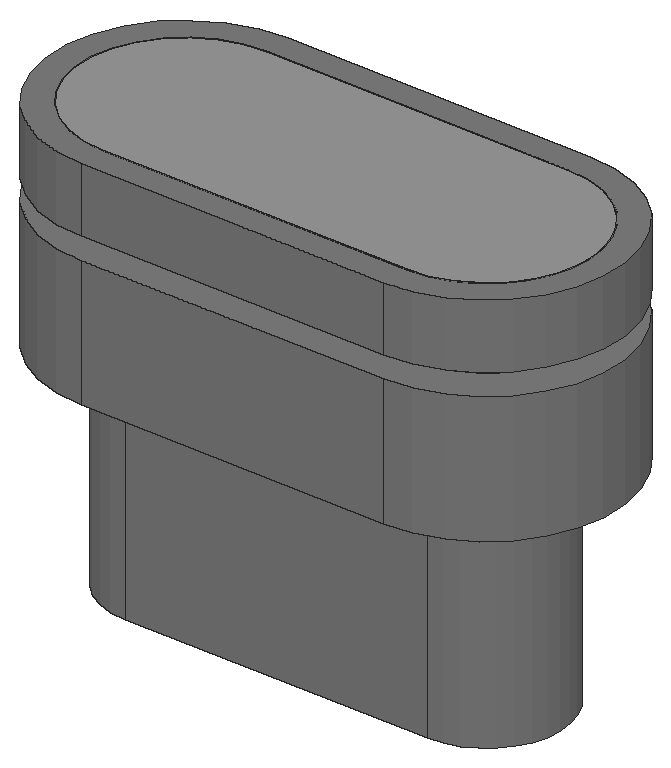
Revit family "ME_polyethylene cable pit_ACO", category Mechanical Equipment, Revit 2020
Family settings
  Round Connector Dimension = Use Diameter
  Classification = None
  Part Type = Normal
  OmniClass Number = 23.30.10.27.27
  OmniClass Title = Security Hatches
  Work Plane-Based = No
  Always vertical = Yes
  Cut with Voids When Loaded = No
  Shared = Yes
  Room Calculation Point = Yes
Parameters (values of type "Type 1")
  width_01_C_ANZRS [instance] = size_lookup(lookup_table_name, "width", 0 mm, type_index)  # 518 mm
  type_index = 1
  thickness [instance] = 4 mm  # constant formula
  steel_lid_check [instance] = lids = steel_lid  # no
  steel_lid = PE_lids_assembly : steel lid
  powerlok_lid_check [instance] = lids = powerlok_lid  # no
  powerlok_lid = PE_lids_assembly : steel powerlok lid
  polymer_riser_check [instance] = and(type_index = 77, polymer_riser, not(riser))  # no
  polymer_riser [instance] = no
  polymer_lid_electricity = PE_lids_assembly : polymer concrete lid - Communications
  polymer_lid_comunication = PE_lids_assembly : polymer concrete lid - Electricity
  polymer_lid_check [instance] = or(lids = polymer_lid_blank, lids = polymer_lid_electricity, lids = polymer_lid_comunication)  # no
  polymer_lid_blank = PE_lids_assembly : polymer concrete lid - Blank
  net_mass_S_ANZRS [instance] = size_lookup(lookup_table_name, "ma", 0.00 kg, type_index, material_index)  # 3.00 kg
  cement_lid_electricity = PE_lids_assembly : cement concrete lid - Electricity
  cement_lid_comunication = PE_lids_assembly : cement concrete lid - Communications
  square_riser_check [instance] = and(riser, square_pit_check)  # no
  square_pit_index [instance] = size_lookup(lookup_table_name, "square_pit", 0, type_index, material_index)  # 3
  square_pit_check [instance] = or(product_index = 4, product_index = 5, product_index = 6, product_index = 7, product_index = 8, product_index = 9, product_index = 10, product_index = 11)  # no
  room calculation [instance] = 1000 mm  # constant formula
  riser_height [instance] = if(and(type_index = 77, polymer_riser), 300 mm, if(riser, size_lookup(lookup_table_name, "riser_cut", 0 mm, type_index), 0 mm))  # 0 mm
  lids [instance] = PE_lids_assembly : cement concrete lid - Blank
  circular_riser_check [instance] = and(riser, circular_pit_check, or(product_index = 1, product_index = 2))  # no
  riser [instance] = no
  region_index = 1  # constant formula
  product_index [instance] = size_lookup(lookup_table_name, "pi", 0, type_index, material_index)  # 1
  product_assortment_C_ANZRS = "Cablemate"  # constant formula
  material_index [instance] = 1  # constant formula
  intended_use_C_ANZRS = "Electricity and communications"  # constant formula
  instructions_for_use = "https://www.acocablemate.com.au/"
  installation_manual = "https://www.acocablemate.com.au/"
  info_technical_C_ANZRS = "https://www.acocablemate.com.au/"
  info_commercial_C_ANZRS = "https://www.acocablemate.com.au/"
  email sales = "sales@acoaus.com.au"
  email Technical = "sales@acoaus.com.au"
  description_C_ANZRS [instance] = size_lookup(lookup_table_name, "uk", "--", type_index, material_index)  # "Type 1 polyethylene pit"
  desc_uk [instance] = size_lookup(lookup_table_name, "uk", "--", type_index, material_index)  # "Type 1 polyethylene pit"
  cylinder_pit_check [instance] = product_index = 12  # no
  content_version_C_ANZRS = "1.0"  # constant formula
  content_date_changed_C_ANZRS = "25-08-2023"  # constant formula
  content_creator_C_ANZRS = "ACO Technology Centre, INDIA"  # constant formula
  code_supplier_article_C_ANZRS [instance] = size_lookup(lookup_table_name, "", "--", type_index, material_index)  # "75858"
  code_specification_URL_C_ANZRS = ""
  circular_pit_check [instance] = or(product_index = 1, product_index = 2, product_index = 3)  # yes
  pitch_distance [instance] = pit_base_width - pit_base_depth  # 281 mm
  pit_opening_width [instance] = size_lookup(lookup_table_name, "pit_opening_width", 0 mm, type_index)  # 426 mm
  pit_opening_depth [instance] = size_lookup(lookup_table_name, "pit_opening_depth", 0 mm, type_index)  # 146 mm
  pit_base_width [instance] = size_lookup(lookup_table_name, "pit_base_width", 0 mm, type_index)  # 410 mm
  pit_base_depth [instance] = size_lookup(lookup_table_name, "pit_base_depth", 0 mm, type_index)  # 129 mm
  material_C_ANZRS = Polyethylene PE
  lookup_table_name = "cable_pit"  # constant formula
  height_01_C_ANZRS [instance] = size_lookup(lookup_table_name, "height", 0 mm, type_index)  # 400 mm
  depth_01_C_ANZRS [instance] = size_lookup(lookup_table_name, "depth", 0 mm, type_index)  # 238 mm
  circular_pit_index [instance] = size_lookup(lookup_table_name, "circular_pit", 0, type_index, material_index)  # 1
  cement_lid_check [instance] = or(lids = cement_lid_blank, lids = cement_lid_electricity, lids = cement_lid_comunication)  # yes
  cement_lid_blank = PE_lids_assembly : cement concrete lid - Blank
  box_riser_check [instance] = and(riser, box_pit_check)  # no
  box_pit_index [instance] = size_lookup(lookup_table_name, "box_pit", 0, type_index, material_index)  # 55
  box_pit_check [instance] = or(product_index = 13, product_index = 14)  # no
  beneath_riser [instance] = size_lookup(lookup_table_name, "beneath_riser", 0 mm, type_index)  # 200 mm
  beneath_rebate [instance] = size_lookup(lookup_table_name, "beneath_rebate", 0 mm, type_index)  # 346 mm
  WARNING_riser [instance] = if(and(type_index = 77, riser, polymer_riser), "please select any one riser", if(and(not(type_index = 77), polymer_riser), "polymer riser is not available", "--"))  # "--"
  WARNING_lids_selection [instance] = if(and(or(type_index = 1, type_index = 2), or(polymer_lid_check, powerlok_lid_check)), "The selected lid is not avaialble", if(and(or(type_index = 3, type_index = 4, type_index = 5, type_index = 6, type_index = 7, type_index = 8), polymer_lid_check), "The selected lid is not avaialble", if(and(type_index = 43, or(polymer_lid_check, powerlok_lid_check)), "The selected lid is not avaialble", if(and(type_index = 53, or(cement_lid_check, powerlok_lid_check)), "The selected lid is not avaialble", if(and(type_index = 55, cement_lid_check), "The selected lid is not avaialble", if(and(type_index = 77, cement_lid_check), "The selected lid is not avaialble", "--"))))))  # "--"
  URL = "www.acocablemate.com.au"
  Type Comments = "Polyethylene pits have excellent insulation properties, high mechanical strengths, chemical resistance and zero water absorption, which makes them ideal as electrical and communications enclosures. "  # constant formula
  Telephone = "1300 765 226"  # constant formula
  R1 [instance] = depth_01_C_ANZRS / 2  # 119 mm
  Model = "ACO Polyethylene Pit with lids and riser assembly"  # constant formula
  Manufacturer = "ACO"  # constant formula
  IfcExportType = "Gridtype"  # constant formula
  IfcExportAs = "UserDefined"  # constant formula
  IfcDescription = "Cablemate"  # constant formula
  Description = "Cablemate"  # constant formula
  Default Elevation = 0 mm
  Address = "ACO Pty Ltd, Australia"  # constant formula
Reference planes
  plane 1 "Center (Front/Back)": y = 0
  plane 2: z = 0
  plane 3 "Center (Left/Right)": x = 0
  plane 4: y = 119
  plane 5: y = -119
  plane 6: x = 259
  plane 7: x = -259
  plane 8: z = -1400
  plane 9: z = -1200
  plane 10: z = -1054
  plane 11: y = 64.5
  plane 12: y = -64.5
  plane 13: y = 73
  plane 14: y = -73
  plane 15: x = 213
  plane 16: x = -213
  plane 17: x = -205
  plane 18: x = 205
  plane 19 "pit top surface": z = -1000
  plane 20 "top": z = -1000
Dimensions and locks
  equal spacing: plane 7, plane 3 "Center (Left/Right)", plane 6
  equal spacing: plane 4, plane 1 "Center (Front/Back)", plane 5
  "width_01_C_ANZRS": plane 7 to plane 6
  "depth_01_C_ANZRS": plane 4 to plane 5
  plane 4 to plane 5 = 238 mm
  level to plane 8 = 1400 mm
  "beneath_riser": plane 9 to plane 8
  "beneath_rebate": plane 10 to plane 8
  equal spacing: plane 11, plane 1 "Center (Front/Back)", plane 12
  "pit_base_depth": plane 11 to plane 12
  equal spacing: plane 13, plane 1 "Center (Front/Back)", plane 14
  "pit_opening_depth": plane 13 to plane 14
  equal spacing: plane 16, plane 3 "Center (Left/Right)", plane 15
  equal spacing: plane 17, plane 3 "Center (Left/Right)", plane 18
  "pit_base_width": plane 17 to plane 18
  "pit_opening_width": plane 16 to plane 15
  plane 13 to plane 14 = 146 mm
  plane 11 to plane 12 = 129 mm
  "height_01_C_ANZRS": plane 19 "pit top surface" to plane 8
  "riser_height": plane 20 "top" to plane 19 "pit top surface"
  "room calculation": level to plane 20 "top"
  aligned and locked: level to plane 2
  aligned and locked: plane 1 "Center (Front/Back)" to nested 1
  aligned and locked: plane 3 "Center (Left/Right)" to nested 2
  aligned and locked: plane 1 "Center (Front/Back)" to nested 2
  aligned and locked: plane 3 "Center (Left/Right)" to nested 3
  aligned and locked: plane 1 "Center (Front/Back)" to nested 3
  aligned and locked: plane 3 "Center (Left/Right)" to nested 4
  aligned and locked: plane 1 "Center (Front/Back)" to nested 4
  aligned and locked: plane 19 "pit top surface" to nested 1
  aligned and locked: nested 3 to plane 19 "pit top surface"
  aligned and locked: plane 19 "pit top surface" to nested 2
  aligned and locked: plane 19 "pit top surface" to nested 4
  aligned and locked: plane 3 "Center (Left/Right)" to nested 5
  aligned and locked: plane 1 "Center (Front/Back)" to nested 5
  aligned and locked: plane 3 "Center (Left/Right)" to nested 6
  aligned and locked: plane 1 "Center (Front/Back)" to nested 6
  aligned and locked: plane 3 "Center (Left/Right)" to nested 7
  aligned and locked: plane 1 "Center (Front/Back)" to nested 7
  aligned and locked: plane 3 "Center (Left/Right)" to nested 8
  aligned and locked: plane 1 "Center (Front/Back)" to nested 8
  aligned and locked: plane 20 "top" to nested 9
  aligned and locked: plane 3 "Center (Left/Right)" to nested 10
  aligned and locked: plane 1 "Center (Front/Back)" to nested 10
  aligned and locked: plane 20 "top" to nested 10
Nested families
  nested 1: "ZZZ_do not use_ME_circular_ACO" at (0, 0, -1000), circular_pit_check <- "circular_pit_check", type_index <- "circular_pit_index", visible <- "circular_pit_check", type "std(nested)"
    with width_01_C_ANZRS 518 mm, type_index 1, thickness 4 mm, pitch_distance 281 mm, pit_opening_width 426 mm, pit_opening_depth 146 mm, pit_base_width 410 mm, pit_base_depth 129 mm, height_01_C_ANZRS 400 mm, depth_01_C_ANZRS 238 mm, circular_pit_check yes, beneath_riser 200 mm, beneath_rebate 346 mm, R1 119 mm
  nested 2: "ZZZ_do not use_ME_rectangular_ACO " at (0, 0, -1000), type_index <- "square_pit_index", visible <- "square_pit_check", square_pit_check <- "square_pit_check", type "std(nested)"
    with width_01_C_ANZRS 565 mm, type_index 3, thickness 4 mm, square_pit_check no, pitch_distance 230 mm, pit_opening_width 455 mm, pit_opening_depth 225 mm, pit_base_width 437 mm, pit_base_depth 207 mm, height_01_C_ANZRS 530 mm, depth_01_C_ANZRS 335 mm, beneath_riser 174 mm, beneath_rebate 526 mm, R1 167.5 mm
  nested 3: "ZZZ_do not use_ME_cylinder_ACO" at (0, 0, -1000), cylinder_pit_check <- "cylinder_pit_check", visible <- "cylinder_pit_check", type "std(nested)"
    with width_01_C_ANZRS 430 mm, thickness 4 mm, height_01_C_ANZRS 606 mm, cylinder_pit_check no
  nested 4: "ZZZ_do not use_ME_box_ACO" at (0, 0, -1000), visible <- "box_pit_check", box_pit_check <- "box_pit_check", type_index <- "box_pit_index", type "std(nested)"
    with width_01_C_ANZRS 560 mm, type_index 55, thickness 7 mm, pit_opening_width 445 mm, pit_base_width 400 mm, height_01_C_ANZRS 510 mm, depth_01_C_ANZRS 560 mm, box_pit_check no, beneath_rebate 450 mm
  nested 5: "ZZZ_do not use_ME_circular_riser_ACO" at (0, 0, -1000), type_index <- "circular_pit_index", visible <- "circular_riser_check", circular_riser_check <- "circular_riser_check", cut_distance <- "riser_height", type "std(nested)"
    with width_01_C_ANZRS 518 mm, type_index 1, thickness 4 mm, pitch_distance 281 mm, pit_opening_width 426 mm, pit_opening_depth 146 mm, pit_base_width 410 mm, pit_base_depth 129 mm, height_01_C_ANZRS 400 mm, depth_01_C_ANZRS 238 mm, cut_distance 0 mm, circular_riser_check no, beneath_riser 200 mm, beneath_rebate 346 mm, R1 119 mm
  nested 6: "ZZZ_do not use_ME_rectangular_riser_ACO " at (0, 0, -1000), cut_distance <- "riser_height", square_pit_check <- "square_riser_check", visible <- "square_riser_check", type_index <- "square_pit_index", type "std(nested)"
    with width_01_C_ANZRS 565 mm, type_index 3, thickness 4 mm, square_pit_check no, pitch_distance 230 mm, pit_opening_width 455 mm, pit_opening_depth 225 mm, pit_base_width 437 mm, pit_base_depth 207 mm, height_01_C_ANZRS 530 mm, depth_01_C_ANZRS 335 mm, cut_distance 0 mm, beneath_riser 174 mm, beneath_rebate 526 mm, R1 167.5 mm
  nested 7: "ZZZ_do not use_ME_plastic_box_riser_ACO" at (0, 0, -1000), visible <- "box_riser_check", cut_distance <- "riser_height", box_riser_check <- "box_riser_check", type_index <- "box_pit_index", type "std(nested)"
    with width_01_C_ANZRS 560 mm, type_index 55, thickness 7 mm, pit_opening_width 445 mm, pit_base_width 400 mm, height_01_C_ANZRS 510 mm, depth_01_C_ANZRS 560 mm, cut_distance 0 mm, box_riser_check no, beneath_rebate 450 mm
  nested 8: "PE_lids_assembly" at (0, 0, -1000), type_index <- "type_index", type <- "lids", type "cement concrete lid - Blank"
    with type_index 1, depth 20 mm
  nested 9: "ZZZ_do not use_ME_lids_ACO" at (0, 0, -1000), type "std(nested)"
    with type_index 1, thickness 30 mm, steel_lid_index 0, square_lid_check no, round_lid_check no, product_index 1, power_lock_lid_index 0, pitch_distance 94 mm, pit_opening_width_circular 468 mm, pit_opening_width 468 mm, pit_opening_depth_circular 188 mm, pit_opening_depth 188 mm, net_mass_S_ANZRS 7.00 kg, material_index 1, material_01_C_ANZRS concrete, cement, electricity_lid_index 0, description_C_ANZRS "Cement concrete lid (AS 3996 Class A) - Blank", desc_uk "Cement concrete lid (AS 3996 Class A) - Blank", comunication_lid_index 0, code_supplier_article_C_ANZRS "75860", circular_lid_check yes, blank_lid 1
  nested 10: "ZZZ_do not use_ME_polymer_box_riser_ACO" at (0, 0, -1000), visible <- "polymer_riser_check", box_riser_check <- "polymer_riser_check", type "std(nested)"
    with width_01_C_ANZRS 710 mm, type_index 77, thickness 7 mm, pit_opening_width 600 mm, pit_base_width 562 mm, height_01_C_ANZRS 655 mm, depth_01_C_ANZRS 710 mm, cut_distance 350 mm, box_riser_check no, beneath_rebate 601 mm
Definition of nested family "ZZZ_do not use_ME_circular_ACO"
  Parameters (values of type "std(nested)")
    width_01_C_ANZRS [instance] = size_lookup(lookup_table_name, "width", 0 mm, type_index)  # 518 mm
    type_index [instance] = 1
    thickness [instance] = 4 mm  # constant formula
    circular_pit_check [instance] = yes
    pitch_distance [instance] = if(type_index = 53, pit_opening_width / 2 + 25 mm, pit_base_width - pit_base_depth)  # 281 mm
    pit_opening_width [instance] = size_lookup(lookup_table_name, "pit_opening_width", 0 mm, type_index)  # 426 mm
    pit_opening_depth [instance] = size_lookup(lookup_table_name, "pit_opening_depth", 0 mm, type_index)  # 146 mm
    pit_base_width [instance] = size_lookup(lookup_table_name, "pit_base_width", 0 mm, type_index)  # 410 mm
    pit_base_depth [instance] = size_lookup(lookup_table_name, "pit_base_depth", 0 mm, type_index)  # 129 mm
    material_C_ANZRS = none
    lookup_table_name = "cable_pit_circular"  # constant formula
    height_01_C_ANZRS [instance] = size_lookup(lookup_table_name, "height", 0 mm, type_index)  # 400 mm
    depth_01_C_ANZRS [instance] = size_lookup(lookup_table_name, "depth", 0 mm, type_index)  # 238 mm
    beneath_riser [instance] = size_lookup(lookup_table_name, "beneath_riser", 0 mm, type_index)  # 200 mm
    beneath_rebate [instance] = size_lookup(lookup_table_name, "beneath_rebate", 0 mm, type_index)  # 346 mm
    R1 [instance] = depth_01_C_ANZRS / 2  # 119 mm
    Default Elevation = 0 mm
  Reference planes
    plane 1 "Center (Front/Back)": y = 0
    plane 2: z = 0
    plane 3 "Center (Left/Right)": x = 0
    plane 4: y = 119
    plane 5: y = -119
    plane 6: x = 259
    plane 7: x = -259
    plane 8: z = -400
    plane 9: x = -140
    plane 10: x = 140
    plane 11: z = -200
    plane 12: z = -54
    plane 13: y = 64.5
    plane 14: y = -64.5
    plane 15: y = 73
    plane 16: y = -73
    plane 17: x = 213
    plane 18: x = -213
    plane 19: x = -205
    plane 20: x = 205
    plane 21: z = -396
  Forms (mm)
    Sweep 1, solid, material <- "material_C_ANZRS", visible <- "circular_pit_check"
      path origin (0, 0, 0) x (1, 0, 0) y (0, 1, 0)
        loop
          arc (-140, 119) -> (-259, 0) -> (-140, -119) r 119
          line (-140, -119) -> (140, -119)
          arc (140, -119) -> (259, 0) -> (140, 119) r 119
          line (140, 119) -> (-140, 119)
      profile origin (0, 119, 0) x (0, 1, 0) y (0, 0, 1)
        loop
          line (0, 0) -> (-25, 0) -> (-25, -47) -> (-46, -47) -> (-46, -196) -> (-54.5, -196) -> (-54.5, -400) -> (-50.5, -400) -> (-50.5, -200) -> (0, -200) -> (0, -80) -> (-35, -80) -> (-35, -60) -> (0, -60) -> (0, 0)
    Extrusion 2, solid, material <- "material_C_ANZRS", visible <- "circular_pit_check"
      sketch origin (0, 0, 0) x (1, 0, 0) y (0, 1, 0)
        loop
          arc (-140.5, 64.5) -> (-205, 0) -> (-140.5, -64.5) r 64.5
          line (-140.5, -64.5) -> (140.5, -64.5)
          arc (140.5, -64.5) -> (205, 0) -> (140.5, 64.5) r 64.5
          line (140.5, 64.5) -> (-140.5, 64.5)
      from -400 to -396
  Dimensions and locks
    equal spacing: plane 7, plane 3 "Center (Left/Right)", plane 6
    equal spacing: plane 4, plane 1 "Center (Front/Back)", plane 5
    "height_01_C_ANZRS": level to plane 8
    "width_01_C_ANZRS": plane 7 to plane 6
    "depth_01_C_ANZRS": plane 4 to plane 5
    "R1": plane 10 to plane 6
    "R1": plane 7 to plane 9
    plane 4 to plane 5 = 238 mm
    level to plane 8 = 400 mm
    "beneath_riser": plane 11 to plane 8
    "beneath_rebate": plane 12 to plane 8
    equal spacing: plane 13, plane 1 "Center (Front/Back)", plane 14
    "pit_base_depth": plane 13 to plane 14
    equal spacing: plane 15, plane 1 "Center (Front/Back)", plane 16
    "pit_opening_depth": plane 15 to plane 16
    equal spacing: plane 18, plane 3 "Center (Left/Right)", plane 17
    equal spacing: plane 19, plane 3 "Center (Left/Right)", plane 20
    "pit_base_width": plane 19 to plane 20
    "pit_opening_width": plane 18 to plane 17
    plane 15 to plane 16 = 146 mm
    plane 13 to plane 14 = 129 mm
    locked: level to Sweep 1 sketch curve at 47
    "thickness": Sweep 1 sketch curve to plane 11
    "thickness": Sweep 1 sketch curve to Sweep 1 sketch curve
    equal spacing: Extrusion 2 sketch curve, plane 3 "Center (Left/Right)", Extrusion 2 sketch curve
    "pitch_distance": Extrusion 2 sketch curve to Extrusion 2 sketch curve
    Extrusion 2 to plane 8 = 4 mm
    "thickness": plane 21 to plane 8
    locked: level to Sweep 1 sketch curve at 60
    locked: plane 4 to Sweep 1 sketch curve at 35
    locked: Sweep 1 sketch curve to Sweep 1 sketch curve at 20
    aligned and locked: level to plane 2
    aligned and locked: plane 5 to Sweep 1 sketch curve
    aligned and locked: Sweep 1 sketch curve to plane 4
    aligned and locked: plane 9 to Sweep 1 sketch curve
    aligned and locked: plane 10 to Sweep 1 sketch curve  (x2)
    aligned and locked: plane 4 to Sweep 1 sketch curve  (x2)
    aligned and locked: Sweep 1 sketch curve to level
    aligned and locked: plane 15 to Sweep 1 sketch curve
    aligned and locked: plane 13 to Sweep 1 sketch curve
    aligned and locked: plane 11 to Sweep 1 sketch curve
    aligned and locked: plane 8 to Sweep 1 sketch curve
    aligned and locked: plane 21 to Extrusion 2
    aligned and locked: Extrusion 2 to plane 8
    aligned and locked: Extrusion 2 sketch curve to plane 13
  Automatic sketch dimensions
    Sweep 1 sketch curve to Sweep 1 sketch curve = 10 mm
    Extrusion 2 sketch curve to plane 14 = 0 mm
Definition of nested family "ZZZ_do not use_ME_lids_ACO"
  Parameters (values of type "std(nested)")
    type_index [instance] = 8
    thickness [instance] = 30 mm  # constant formula
    steel_lid_index [instance] = size_lookup(lookup_table_name, "steel", 0, type_index, material_index)  # 0
    square_lid_check [instance] = not(or(type_index = 1, type_index = 2, type_index = 53, type_index = 43))  # yes
    round_lid_check [instance] = type_index = 43  # no
    region_index = 1  # constant formula
    product_index [instance] = size_lookup(lookup_table_name, "pi", 0, type_index, material_index, blank_lid, comunication_lid_index, electricity_lid_index, steel_lid_index, power_lock_lid_index)  # 43
    product_assortment_C_ANZRS = "Cablemate"  # constant formula
    power_lock_lid_index [instance] = size_lookup(lookup_table_name, "power", 0, type_index, material_index)  # 0
    pit_opening_width_circular [instance] = if(or(type_index = 1, type_index = 2, type_index = 53), pit_opening_width, 426 mm)  # 426 mm
    pit_opening_depth_circular [instance] = if(or(type_index = 1, type_index = 2, type_index = 53), pit_opening_depth, 146 mm)  # 146 mm
    net_mass_S_ANZRS [instance] = size_lookup(lookup_table_name, "ma", 0.00 kg, type_index, material_index)  # 33.00 kg
    material_index [instance] = 1
    material_01_C_ANZRS [instance] = none
    intended_use_C_ANZRS = "Electricity and communications"  # constant formula
    instructions_for_use = "https://www.acocablemate.com.au/"
    installation_manual = "https://www.acocablemate.com.au/"
    info_technical_C_ANZRS = "https://www.acocablemate.com.au/"
    info_commercial_C_ANZRS = "https://www.acocablemate.com.au/"
    email sales = "sales@acoaus.com.au"
    email Technical = "sales@acoaus.com.au"
    electricity_lid_index [instance] = size_lookup(lookup_table_name, "electricity", 0, type_index, material_index)  # 0
    description_C_ANZRS [instance] = size_lookup(lookup_table_name, "uk", "--", type_index, material_index)  # "Cement concrete 2-part lid (AS 3996 Class A) - Blank"
    desc_uk [instance] = size_lookup(lookup_table_name, "uk", "--", type_index, material_index)  # "Cement concrete 2-part lid (AS 3996 Class A) - Blank"
    content_version_C_ANZRS = "1.0"  # constant formula
    content_date_changed_C_ANZRS = "25-08-2023"  # constant formula
    content_creator_C_ANZRS = "ACO Technology Centre, INDIA"  # constant formula
    comunication_lid_index [instance] = size_lookup(lookup_table_name, "communication", 0, type_index, material_index)  # 0
    code_supplier_article_C_ANZRS [instance] = size_lookup(lookup_table_name, "", "--", type_index, material_index)  # "75010"
    code_specification_URL_C_ANZRS = ""
    pitch_distance [instance] = pit_opening_depth_circular / 2  # 73 mm
    pit_opening_width [instance] = size_lookup(lookup_table_name, "pit_opening_width", 0 mm, type_index)  # 1325 mm
    pit_opening_depth [instance] = size_lookup(lookup_table_name, "pit_opening_depth", 0 mm, type_index)  # 515 mm
    lookup_table_name = "PE_lids"  # constant formula
    circular_lid_check [instance] = or(type_index = 1, type_index = 2, type_index = 53)  # no
    blank_lid [instance] = size_lookup(lookup_table_name, "blank", 0, type_index, material_index)  # 1
    URL = "www.acocablemate.com.au"
    Type Comments = "Polyethylene pits have excellent insulation properties, high mechanical strengths, chemical resistance and zero water absorption, which makes them ideal as electrical and communications enclosures. "  # constant formula
    Telephone = "1300 765 226"  # constant formula
    Model = "ACO Polyethylene Pit with lids and riser assembly"  # constant formula
    Manufacturer = "ACO"  # constant formula
    IfcExportType = "Gridtype"  # constant formula
    IfcExportAs = "UserDefined"  # constant formula
    IfcDescription = "Cablemate"  # constant formula
    Description = "Cablemate lids"  # constant formula
    Default Elevation = 0 mm
    Address = "ACO Pty Ltd, Australia"  # constant formula
  Reference planes
    plane 1 "Center (Front/Back)": y = 0
    plane 2: z = 0
    plane 3 "Center (Left/Right)": x = 0
    plane 4: y = 257.5
    plane 5: y = -257.5
    plane 6: x = 662.5
    plane 7: x = -662.5
    plane 8: z = -30
    plane 9: x = -589.5
    plane 10: x = 589.5
    plane 11: x = 213
    plane 12: x = -213
    plane 13: y = 73
    plane 14: y = -73
  Forms (mm)
    Extrusion 1, solid, material <- "material_01_C_ANZRS", visible <- "circular_lid_check"
      sketch origin (0, 0, 0) x (1, 0, 0) y (0, 1, 0)
        loop
          arc (-589.5, 73) -> (-662.5, 0) -> (-589.5, -73) r 73
          line (-589.5, -73) -> (589.5, -73)
          arc (589.5, -73) -> (662.5, 0) -> (589.5, 73) r 73
          line (589.5, 73) -> (-589.5, 73)
      from 0 to -30
    Extrusion 2, solid, material <- "material_01_C_ANZRS", visible <- "square_lid_check"
      sketch origin (0, 0, 0) x (1, 0, 0) y (0, 1, 0)
        loop
          line (-662.5, 257.5) -> (-662.5, -257.5) -> (662.5, -257.5) -> (662.5, 257.5) -> (-662.5, 257.5)
      from -30 to 0
    Extrusion 3, solid, material <- "material_01_C_ANZRS", visible <- "round_lid_check"
      sketch origin (0, 0, 0) x (1, 0, 0) y (0, 1, 0)
        loop
          circle (0, 0) r 257.5
      from -30 to 0
  Dimensions and locks
    equal spacing: plane 4, plane 1 "Center (Front/Back)", plane 5
    "pit_opening_depth": plane 4 to plane 5
    equal spacing: plane 7, plane 3 "Center (Left/Right)", plane 6
    "pit_opening_width": plane 7 to plane 6
    plane 4 to plane 5 = 515 mm
    "thickness": level to plane 8
    "pitch_distance": plane 10 to plane 6
    equal spacing: plane 9, plane 3 "Center (Left/Right)", plane 10
    equal spacing: plane 12, plane 3 "Center (Left/Right)", plane 11
    equal spacing: plane 13, plane 1 "Center (Front/Back)", plane 14
    "pit_opening_depth_circular": plane 13 to plane 14
    "pit_opening_width_circular": plane 12 to plane 11
    "pit_opening_depth": diameter of Extrusion 3 sketch curve
    aligned and locked: level to plane 2
    aligned and locked: Extrusion 1 to level
    aligned and locked: Extrusion 1 to plane 8
    aligned and locked: plane 9 to Extrusion 1 sketch curve
    aligned and locked: plane 10 to Extrusion 1 sketch curve
    aligned and locked: plane 7 to Extrusion 2 sketch curve
    aligned and locked: Extrusion 2 sketch curve to plane 4
    aligned and locked: Extrusion 2 sketch curve to plane 6
    aligned and locked: Extrusion 2 sketch curve to plane 5
    aligned and locked: Extrusion 2 to plane 8
    aligned and locked: level to Extrusion 2
    aligned and locked: Extrusion 1 sketch curve to plane 13
    aligned and locked: Extrusion 1 sketch curve to plane 14
    aligned and locked: plane 3 "Center (Left/Right)" to Extrusion 3 sketch curve
    aligned and locked: plane 1 "Center (Front/Back)" to Extrusion 3 sketch curve
    aligned and locked: Extrusion 3 to plane 8
    aligned and locked: level to Extrusion 3
Definition of nested family "ZZZ_do not use_ME_rectangular_ACO "
  Parameters (values of type "std(nested)")
    width_01_C_ANZRS [instance] = size_lookup(lookup_table_name, "width", 0 mm, type_index)  # 565 mm
    type_index [instance] = 3
    thickness [instance] = 4 mm  # constant formula
    square_pit_check [instance] = yes
    pitch_distance [instance] = pit_base_width - pit_base_depth  # 230 mm
    pit_opening_width [instance] = size_lookup(lookup_table_name, "pit_opening_width", 0 mm, type_index)  # 455 mm
    pit_opening_depth [instance] = size_lookup(lookup_table_name, "pit_opening_depth", 0 mm, type_index)  # 225 mm
    pit_base_width [instance] = size_lookup(lookup_table_name, "pit_base_width", 0 mm, type_index)  # 437 mm
    pit_base_depth [instance] = size_lookup(lookup_table_name, "pit_base_depth", 0 mm, type_index)  # 207 mm
    material_C_ANZRS = none
    lookup_table_name = "cable_pit_square"  # constant formula
    height_01_C_ANZRS [instance] = size_lookup(lookup_table_name, "height", 0 mm, type_index)  # 530 mm
    depth_01_C_ANZRS [instance] = size_lookup(lookup_table_name, "depth", 0 mm, type_index)  # 335 mm
    beneath_riser [instance] = size_lookup(lookup_table_name, "beneath_riser", 0 mm, type_index)  # 174 mm
    beneath_rebate [instance] = size_lookup(lookup_table_name, "beneath_rebate", 0 mm, type_index)  # 526 mm
    R1 [instance] = depth_01_C_ANZRS / 2  # 167.5 mm
    Default Elevation = 0 mm
  Reference planes
    plane 1 "Center (Front/Back)": y = 0
    plane 2: z = 0
    plane 3 "Center (Left/Right)": x = 0
    plane 4: y = 167.5
    plane 5: y = -167.5
    plane 6: x = 282.5
    plane 7: x = -282.5
    plane 8: z = -530
    plane 9: z = -356
    plane 10: z = -4
    plane 11: y = 103.5
    plane 12: y = -103.5
    plane 13: y = 112.5
    plane 14: y = -112.5
    plane 15: x = 227.5
    plane 16: x = -227.5
    plane 17: x = -218.5
    plane 18: x = 218.5
    plane 19: z = -526
  Forms (mm)
    Sweep 1, solid, material <- "material_C_ANZRS", visible <- "square_pit_check"
      path origin (0, 0, 0) x (1, 0, 0) y (0, 1, 0)
        loop
          line (-282.5, 167.5) -> (-282.5, -167.5) -> (282.5, -167.5) -> (282.5, 167.5) -> (-282.5, 167.5)
      profile origin (0, 167.5, 0) x (0, 1, 0) y (0, 0, 1)
        loop
          line (0, 0) -> (-25, 0) -> (-25, -50) -> (-55, -50) -> (-55, -352) -> (-64, -352) -> (-64, -530) -> (-60, -530) -> (-60, -356) -> (0, -356) -> (0, -105) -> (-35, -105) -> (-35, -85) -> (0, -85) -> (0, 0)
    Extrusion 2, solid, material <- "material_C_ANZRS", visible <- "square_pit_check"
      sketch origin (0, 0, 0) x (1, 0, 0) y (0, 1, 0)
        loop
          line (-218.5, 103.5) -> (-218.5, -103.5) -> (218.5, -103.5) -> (218.5, 103.5) -> (-218.5, 103.5)
      from -530 to -526
  Cuts and joins
    joined: Sweep 1, Extrusion 2
  Dimensions and locks
    equal spacing: plane 7, plane 3 "Center (Left/Right)", plane 6
    equal spacing: plane 4, plane 1 "Center (Front/Back)", plane 5
    "height_01_C_ANZRS": level to plane 8
    "width_01_C_ANZRS": plane 7 to plane 6
    "depth_01_C_ANZRS": plane 4 to plane 5
    plane 4 to plane 5 = 335 mm
    level to plane 8 = 530 mm
    "beneath_riser": plane 9 to plane 8
    "beneath_rebate": plane 10 to plane 8
    equal spacing: plane 11, plane 1 "Center (Front/Back)", plane 12
    "pit_base_depth": plane 11 to plane 12
    equal spacing: plane 13, plane 1 "Center (Front/Back)", plane 14
    "pit_opening_depth": plane 13 to plane 14
    equal spacing: plane 16, plane 3 "Center (Left/Right)", plane 15
    equal spacing: plane 17, plane 3 "Center (Left/Right)", plane 18
    "pit_base_width": plane 17 to plane 18
    "pit_opening_width": plane 16 to plane 15
    plane 13 to plane 14 = 225 mm
    plane 11 to plane 12 = 207 mm
    "thickness": plane 19 to plane 8
    locked: level to Sweep 1 sketch curve at 50
    locked: Sweep 1 sketch curve to plane 13 at 30
    "thickness": Sweep 1 sketch curve to plane 9
    "thickness": Sweep 1 sketch curve to plane 11
    locked: Sweep 1 sketch curve to level at 85
    locked: Sweep 1 sketch curve to Sweep 1 sketch curve at 20
    locked: profile plane to Sweep 1 sketch curve at 35
    aligned and locked: level to plane 2
    aligned and locked: plane 7 to Sweep 1 sketch curve
    aligned and locked: Sweep 1 sketch curve to plane 6
    aligned and locked: Sweep 1 sketch curve to plane 4
    aligned and locked: plane 5 to Sweep 1 sketch curve
    aligned and locked: plane 4 to Sweep 1 sketch curve
    aligned and locked: Sweep 1 sketch curve to level
    aligned and locked: plane 8 to Sweep 1 sketch curve
    aligned and locked: Sweep 1 sketch curve to plane 9
    aligned and locked: plane 11 to Sweep 1 sketch curve
    aligned and locked: plane 17 to Extrusion 2 sketch curve
    aligned and locked: Extrusion 2 sketch curve to plane 11
    aligned and locked: Extrusion 2 sketch curve to plane 18
    aligned and locked: plane 12 to Extrusion 2 sketch curve
    aligned and locked: Extrusion 2 to plane 8
    aligned and locked: plane 19 to Extrusion 2
  Automatic sketch dimensions
    Sweep 1 sketch curve to profile plane = 0 mm
    Sweep 1 sketch curve to Sweep 1 sketch curve = 5 mm
Definition of nested family "ZZZ_do not use_ME_cylinder_ACO"
  Parameters (values of type "std(nested)")
    width_01_C_ANZRS [instance] = 430 mm  # constant formula
    thickness [instance] = 4 mm  # constant formula
    cylinder_pit_check [instance] = yes
    material_C_ANZRS = none
    height_01_C_ANZRS [instance] = 606 mm  # constant formula
    Default Elevation = 0 mm
  Reference planes
    plane 1 "Center (Front/Back)": y = 0
    plane 2: z = 0
    plane 3 "Center (Left/Right)": x = 0
    plane 4: x = -215
    plane 5: x = 215
  Forms (mm)
    Revolve 1, solid, material <- "material_C_ANZRS", visible <- "cylinder_pit_check"
      sketch origin (0, 0, 0) x (1, 0, 0) y (0, 0, 1)
        loop
          line (-196.772, 0) -> (-215, 0) -> (-207, -88) -> (-201, -88) -> (-200.477, -97.986) -> (-168, -188) -> (-160.15, -337.794) -> (-155.001, -342.943) -> (-150, -606) -> (0, -606) -> (0, -602) -> (-146.075, -602) -> (-151.031, -341.312) -> (-156.087, -336.256) -> (-164.037, -187.198) -> (-196.504, -97.198) -> (-168, -98) -> (-171.5, -57.997) -> (-191.5, -57.997) -> (-196.772, 0)
        axis (0, 0) -> (0, -606)
      angle from 0 to 360
  Dimensions and locks
    plane 5 to plane 4 = 430 mm
    locked: Revolve 1 to Revolve 1 at 343
    locked: level to Revolve 1 at 606
    locked: Revolve 1 to Revolve 1 at 300
    aligned and locked: level to plane 2
    aligned and locked: plane 4 to Revolve 1
    aligned and locked: plane 5 to Revolve 1
Definition of nested family "ZZZ_do not use_ME_box_ACO"
  Parameters (values of type "std(nested)")
    width_01_C_ANZRS [instance] = size_lookup(lookup_table_name, "width", 0 mm, type_index)  # 560 mm
    type_index [instance] = 55
    thickness [instance] = 7 mm  # constant formula
    box_pit_check [instance] = yes
    pit_opening_width [instance] = size_lookup(lookup_table_name, "pit_opening_width", 0 mm, type_index)  # 445 mm
    pit_base_width [instance] = size_lookup(lookup_table_name, "pit_base_width", 0 mm, type_index)  # 400 mm
    material_C_ANZRS = none
    lookup_table_name = "cable_pit_box"  # constant formula
    height_01_C_ANZRS [instance] = size_lookup(lookup_table_name, "height", 0 mm, type_index)  # 510 mm
    depth_01_C_ANZRS [instance] = size_lookup(lookup_table_name, "depth", 0 mm, type_index)  # 560 mm
    beneath_rebate [instance] = size_lookup(lookup_table_name, "beneath_rebate", 0 mm, type_index)  # 450 mm
    Default Elevation = 0 mm
  Reference planes
    plane 1 "Center (Front/Back)": y = 0
    plane 2: z = 0
    plane 3 "Center (Left/Right)": x = 0
    plane 4: y = 280
    plane 5: y = -280
    plane 6: x = 280
    plane 7: x = -280
    plane 8: z = -510
    plane 9: z = -510
    plane 10: z = -60
    plane 11: y = -200
    plane 12: y = 200
    plane 13: y = 222.5
    plane 14: y = -222.5
    plane 15: x = 222.5
    plane 16: x = -222.5
    plane 17: x = -200
    plane 18: x = 200
    plane 19: z = -503
  Forms (mm)
    Sweep 1, solid, material <- "material_C_ANZRS", visible <- "box_pit_check"
      path origin (0, 0, 0) x (1, 0, 0) y (0, 1, 0)
        loop
          line (-280, 280) -> (-280, -280) -> (280, -280) -> (280, 280) -> (-280, 280)
      profile origin (0, 280, 0) x (0, 1, 0) y (0, 0, 1)
        loop
          line (0, 0) -> (-7, 0) -> (-7, -53) -> (-57.5, -53) -> (-57.5, -60) -> (-80, -510) -> (-73, -510) -> (-50.5, -60) -> (0, -60) -> (0, 0)
    Extrusion 2, solid, material <- "material_C_ANZRS", visible <- "box_pit_check"
      sketch origin (0, 0, 0) x (1, 0, 0) y (0, 1, 0)
        loop
          line (-200, 200) -> (-200, -200) -> (200, -200) -> (200, 200) -> (-200, 200)
      from -503 to -510
  Cuts and joins
    joined: Sweep 1, Extrusion 2
  Dimensions and locks
    equal spacing: plane 7, plane 3 "Center (Left/Right)", plane 6
    equal spacing: plane 4, plane 1 "Center (Front/Back)", plane 5
    "height_01_C_ANZRS": level to plane 8
    "width_01_C_ANZRS": plane 7 to plane 6
    "depth_01_C_ANZRS": plane 4 to plane 5
    plane 4 to plane 5 = 560 mm
    level to plane 8 = 510 mm
    plane 9 to plane 8 = 0 mm
    "beneath_rebate": plane 10 to plane 8
    equal spacing: plane 12, plane 1 "Center (Front/Back)", plane 11  (x2)
    plane 12 to plane 11 = 400 mm
    equal spacing: plane 13, plane 1 "Center (Front/Back)", plane 14  (x2)
    plane 13 to plane 14 = 445 mm
    equal spacing: plane 16, plane 3 "Center (Left/Right)", plane 15
    equal spacing: plane 17, plane 3 "Center (Left/Right)", plane 18
    "pit_base_width": plane 17 to plane 18
    "pit_opening_width": plane 16 to plane 15
    "thickness": plane 19 to plane 8
    plane 18 to plane 17 = 400 mm
    plane 15 to plane 16 = 445 mm
    "pit_base_width": plane 12 to plane 11
    "pit_opening_width": plane 13 to plane 14
    "thickness": Sweep 1 sketch curve to plane 10
    "thickness": Sweep 1 sketch curve to Sweep 1 sketch curve  (x2)
    "thickness": Sweep 1 sketch curve to plane 13
    aligned and locked: level to plane 2
    aligned and locked: Sweep 1 sketch curve to plane 4
    aligned and locked: Sweep 1 sketch curve to plane 6
    aligned and locked: plane 5 to Sweep 1 sketch curve
    aligned and locked: plane 7 to Sweep 1 sketch curve
    aligned and locked: Sweep 1 sketch curve to plane 10
    aligned and locked: plane 4 to Sweep 1 sketch curve
    aligned and locked: Sweep 1 sketch curve to profile plane
    aligned and locked: Sweep 1 sketch curve to plane 13
    aligned and locked: plane 12 to Sweep 1 sketch curve
    aligned and locked: plane 9 to Sweep 1 sketch curve
    aligned and locked: Extrusion 2 sketch curve to plane 12
    aligned and locked: Extrusion 2 sketch curve to plane 18
    aligned and locked: plane 11 to Extrusion 2 sketch curve
    aligned and locked: plane 17 to Extrusion 2 sketch curve
    aligned and locked: Extrusion 2 to plane 19
    aligned and locked: Extrusion 2 to plane 8
  Automatic sketch dimensions
    Sweep 1 sketch curve to Sweep 1 sketch curve = 0 mm
Definition of nested family "ZZZ_do not use_ME_circular_riser_ACO"
  Parameters (values of type "std(nested)")
    width_01_C_ANZRS [instance] = size_lookup(lookup_table_name, "width", 0 mm, type_index)  # 541 mm
    type_index [instance] = 53
    thickness [instance] = 4 mm  # constant formula
    cut_distance [instance] = 200 mm
    circular_riser_check [instance] = yes
    pitch_distance [instance] = if(type_index = 53, pit_opening_width / 2 + 25 mm, pit_base_width - pit_base_depth)  # 250.5 mm
    pit_opening_width [instance] = size_lookup(lookup_table_name, "pit_opening_width", 0 mm, type_index)  # 451 mm
    pit_opening_depth [instance] = size_lookup(lookup_table_name, "pit_opening_depth", 0 mm, type_index)  # 200 mm
    pit_base_width [instance] = size_lookup(lookup_table_name, "pit_base_width", 0 mm, type_index)  # 339 mm
    pit_base_depth [instance] = size_lookup(lookup_table_name, "pit_base_depth", 0 mm, type_index)  # 181 mm
    material_C_ANZRS = none
    lookup_table_name = "cable_pit_circular"  # constant formula
    height_01_C_ANZRS [instance] = size_lookup(lookup_table_name, "height", 0 mm, type_index)  # 448 mm
    depth_01_C_ANZRS [instance] = size_lookup(lookup_table_name, "depth", 0 mm, type_index)  # 291 mm
    beneath_riser [instance] = size_lookup(lookup_table_name, "beneath_riser", 0 mm, type_index)  # 216 mm
    beneath_rebate [instance] = size_lookup(lookup_table_name, "beneath_rebate", 0 mm, type_index)  # 394 mm
    R1 [instance] = depth_01_C_ANZRS / 2  # 145.5 mm
    Default Elevation = 0 mm
  Reference planes
    plane 1 "Center (Front/Back)": y = 0
    plane 2: z = 0
    plane 3 "Center (Left/Right)": x = 0
    plane 4: y = 145.5
    plane 5: y = -145.5
    plane 6: x = 270.5
    plane 7: x = -270.5
    plane 8: z = -448
    plane 9: x = -125
    plane 10: x = 125
    plane 11: z = -232
    plane 12: z = -54
    plane 13: y = 90.5
    plane 14: y = -90.5
    plane 15: y = 100
    plane 16: y = -100
    plane 17: x = 225.5
    plane 18: x = -225.5
    plane 19: x = -169.5
    plane 20: x = 169.5
    plane 21: z = -200
  Forms (mm)
    Sweep 1, solid, material <- "material_C_ANZRS", visible <- "circular_riser_check"
      path origin (0, 0, 0) x (1, 0, 0) y (0, 1, 0)
        loop
          arc (-125, 145.5) -> (-270.5, 0) -> (-125, -145.5) r 145.5
          line (-125, -145.5) -> (125, -145.5)
          arc (125, -145.5) -> (270.5, 0) -> (125, 145.5) r 145.5
          line (125, 145.5) -> (-125, 145.5)
      profile origin (0, 145.5, 0) x (0, 1, 0) y (0, 0, 1)
        loop
          line (0, 0) -> (-25, 0) -> (-25, -47) -> (-45.5, -47) -> (-45.5, -228) -> (-55, -228) -> (-55, -448) -> (-51, -448) -> (-51, -232) -> (0, -232) -> (0, -80) -> (-35, -80) -> (-35, -60) -> (0, -60) -> (0, 0)
    Extrusion 2, void
      sketch origin (0, 0, 0) x (1, 0, 0) y (0, 1, 0)
        loop
          line (-425.562, 233.775) -> (-425.562, -286.225) -> (394.438, -286.225) -> (394.438, 233.775) -> (-425.562, 233.775)
      from -200 to -448
  Cuts and joins
    Extrusion 2 cuts Sweep 1
  Dimensions and locks
    equal spacing: plane 7, plane 3 "Center (Left/Right)", plane 6
    equal spacing: plane 4, plane 1 "Center (Front/Back)", plane 5
    "height_01_C_ANZRS": level to plane 8
    "width_01_C_ANZRS": plane 7 to plane 6
    "depth_01_C_ANZRS": plane 4 to plane 5
    "R1": plane 10 to plane 6
    "R1": plane 7 to plane 9
    plane 4 to plane 5 = 291 mm
    level to plane 8 = 448 mm
    "beneath_riser": plane 11 to plane 8
    "beneath_rebate": plane 12 to plane 8
    equal spacing: plane 13, plane 1 "Center (Front/Back)", plane 14
    "pit_base_depth": plane 13 to plane 14
    equal spacing: plane 15, plane 1 "Center (Front/Back)", plane 16
    "pit_opening_depth": plane 15 to plane 16
    equal spacing: plane 18, plane 3 "Center (Left/Right)", plane 17
    equal spacing: plane 19, plane 3 "Center (Left/Right)", plane 20
    "pit_base_width": plane 19 to plane 20
    "pit_opening_width": plane 18 to plane 17
    plane 15 to plane 16 = 200 mm
    plane 13 to plane 14 = 181 mm
    locked: level to Sweep 1 sketch curve at 47
    "thickness": Sweep 1 sketch curve to plane 11
    "thickness": Sweep 1 sketch curve to Sweep 1 sketch curve
    locked: level to Sweep 1 sketch curve at 60
    locked: plane 4 to Sweep 1 sketch curve at 35
    locked: Sweep 1 sketch curve to Sweep 1 sketch curve at 20
    "cut_distance": plane 2 to plane 21
    aligned and locked: level to plane 2
    aligned and locked: plane 5 to Sweep 1 sketch curve
    aligned and locked: Sweep 1 sketch curve to plane 4
    aligned and locked: plane 9 to Sweep 1 sketch curve
    aligned and locked: plane 10 to Sweep 1 sketch curve  (x2)
    aligned and locked: plane 4 to Sweep 1 sketch curve  (x2)
    aligned and locked: Sweep 1 sketch curve to level
    aligned and locked: plane 15 to Sweep 1 sketch curve
    aligned and locked: plane 13 to Sweep 1 sketch curve
    aligned and locked: plane 11 to Sweep 1 sketch curve
    aligned and locked: plane 8 to Sweep 1 sketch curve
    aligned and locked: Extrusion 2 to plane 21
  Automatic sketch dimensions
    Extrusion 2 sketch curve to plane 7 = 155.062 mm
    plane 6 to Extrusion 2 sketch curve = 123.938 mm
    Extrusion 2 sketch curve to plane 5 = 140.725 mm
    plane 4 to Extrusion 2 sketch curve = 88.275 mm
    Sweep 1 sketch curve to Sweep 1 sketch curve = 10 mm
Definition of nested family "ZZZ_do not use_ME_rectangular_riser_ACO "
  Parameters (values of type "std(nested)")
    width_01_C_ANZRS [instance] = size_lookup(lookup_table_name, "width", 0 mm, type_index)  # 565 mm
    type_index [instance] = 3
    thickness [instance] = 4 mm  # constant formula
    square_pit_check [instance] = yes
    pitch_distance [instance] = pit_base_width - pit_base_depth  # 230 mm
    pit_opening_width [instance] = size_lookup(lookup_table_name, "pit_opening_width", 0 mm, type_index)  # 455 mm
    pit_opening_depth [instance] = size_lookup(lookup_table_name, "pit_opening_depth", 0 mm, type_index)  # 225 mm
    pit_base_width [instance] = size_lookup(lookup_table_name, "pit_base_width", 0 mm, type_index)  # 437 mm
    pit_base_depth [instance] = size_lookup(lookup_table_name, "pit_base_depth", 0 mm, type_index)  # 207 mm
    material_C_ANZRS = none
    lookup_table_name = "cable_pit_square"  # constant formula
    height_01_C_ANZRS [instance] = size_lookup(lookup_table_name, "height", 0 mm, type_index)  # 530 mm
    depth_01_C_ANZRS [instance] = size_lookup(lookup_table_name, "depth", 0 mm, type_index)  # 335 mm
    cut_distance [instance] = 220.286 mm
    beneath_riser [instance] = size_lookup(lookup_table_name, "beneath_riser", 0 mm, type_index)  # 174 mm
    beneath_rebate [instance] = size_lookup(lookup_table_name, "beneath_rebate", 0 mm, type_index)  # 526 mm
    R1 [instance] = depth_01_C_ANZRS / 2  # 167.5 mm
    Default Elevation = 0 mm
  Reference planes
    plane 1 "Center (Front/Back)": y = 0
    plane 2: z = 0
    plane 3 "Center (Left/Right)": x = 0
    plane 4: y = 167.5
    plane 5: y = -167.5
    plane 6: x = 282.5
    plane 7: x = -282.5
    plane 8: z = -530
    plane 9: z = -356
    plane 10: z = -4
    plane 11: y = 103.5
    plane 12: y = -103.5
    plane 13: y = 112.5
    plane 14: y = -112.5
    plane 15: x = 227.5
    plane 16: x = -227.5
    plane 17: x = -218.5
    plane 18: x = 218.5
    plane 19: z = -526
    plane 20: z = -220.286
  Forms (mm)
    Sweep 1, solid, material <- "material_C_ANZRS", visible <- "square_pit_check"
      path origin (0, 0, 0) x (1, 0, 0) y (0, 1, 0)
        loop
          line (-282.5, 167.5) -> (-282.5, -167.5) -> (282.5, -167.5) -> (282.5, 167.5) -> (-282.5, 167.5)
      profile origin (0, 167.5, 0) x (0, 1, 0) y (0, 0, 1)
        loop
          line (0, 0) -> (-25, 0) -> (-25, -50) -> (-55, -50) -> (-55, -352) -> (-64, -352) -> (-64, -530) -> (-60, -530) -> (-60, -356) -> (0, -356) -> (0, -105) -> (-35, -105) -> (-35, -85) -> (0, -85) -> (0, 0)
    Extrusion 2, solid, material <- "material_C_ANZRS", visible <- "square_pit_check"
      sketch origin (0, 0, 0) x (1, 0, 0) y (0, 1, 0)
        loop
          line (-218.5, 103.5) -> (-218.5, -103.5) -> (218.5, -103.5) -> (218.5, 103.5) -> (-218.5, 103.5)
      from -530 to -526
    Extrusion 3, void
      sketch origin (0, 0, 0) x (1, 0, 0) y (0, 0, 1)
        loop
          line (-282.5, -220.286) -> (-282.5, -530) -> (282.5, -530) -> (282.5, -220.286) -> (-282.5, -220.286)
      from -167.5 to 167.5
  Cuts and joins
    Extrusion 3 cuts Sweep 1
    Extrusion 3 cuts Extrusion 2
    joined: Sweep 1, Extrusion 2
  Dimensions and locks
    equal spacing: plane 7, plane 3 "Center (Left/Right)", plane 6
    equal spacing: plane 4, plane 1 "Center (Front/Back)", plane 5
    "height_01_C_ANZRS": level to plane 8
    "width_01_C_ANZRS": plane 7 to plane 6
    "depth_01_C_ANZRS": plane 4 to plane 5
    plane 4 to plane 5 = 335 mm
    level to plane 8 = 530 mm
    "beneath_riser": plane 9 to plane 8
    "beneath_rebate": plane 10 to plane 8
    equal spacing: plane 11, plane 1 "Center (Front/Back)", plane 12
    "pit_base_depth": plane 11 to plane 12
    equal spacing: plane 13, plane 1 "Center (Front/Back)", plane 14
    "pit_opening_depth": plane 13 to plane 14
    equal spacing: plane 16, plane 3 "Center (Left/Right)", plane 15
    equal spacing: plane 17, plane 3 "Center (Left/Right)", plane 18
    "pit_base_width": plane 17 to plane 18
    "pit_opening_width": plane 16 to plane 15
    plane 13 to plane 14 = 225 mm
    plane 11 to plane 12 = 207 mm
    "thickness": plane 19 to plane 8
    locked: level to Sweep 1 sketch curve at 50
    locked: Sweep 1 sketch curve to plane 13 at 30
    "thickness": Sweep 1 sketch curve to plane 9
    "thickness": Sweep 1 sketch curve to plane 11
    locked: Sweep 1 sketch curve to level at 85
    locked: Sweep 1 sketch curve to Sweep 1 sketch curve at 20
    locked: profile plane to Sweep 1 sketch curve at 35
    "cut_distance": level to plane 20
    aligned and locked: level to plane 2
    aligned and locked: plane 7 to Sweep 1 sketch curve
    aligned and locked: Sweep 1 sketch curve to plane 6
    aligned and locked: Sweep 1 sketch curve to plane 4
    aligned and locked: plane 5 to Sweep 1 sketch curve
    aligned and locked: plane 4 to Sweep 1 sketch curve
    aligned and locked: Sweep 1 sketch curve to level
    aligned and locked: plane 8 to Sweep 1 sketch curve
    aligned and locked: Sweep 1 sketch curve to plane 9
    aligned and locked: plane 11 to Sweep 1 sketch curve
    aligned and locked: plane 17 to Extrusion 2 sketch curve
    aligned and locked: Extrusion 2 sketch curve to plane 11
    aligned and locked: Extrusion 2 sketch curve to plane 18
    aligned and locked: plane 12 to Extrusion 2 sketch curve
    aligned and locked: Extrusion 2 to plane 8
    aligned and locked: plane 19 to Extrusion 2
    aligned and locked: plane 7 to Extrusion 3 sketch curve
    aligned and locked: Extrusion 3 sketch curve to plane 6
    aligned and locked: Extrusion 3 sketch curve to plane 20
    aligned and locked: plane 8 to Extrusion 3 sketch curve
    aligned and locked: plane 4 to Extrusion 3
    aligned and locked: Extrusion 3 to plane 5
  Automatic sketch dimensions
    Sweep 1 sketch curve to profile plane = 0 mm
    Sweep 1 sketch curve to Sweep 1 sketch curve = 5 mm
Definition of nested family "ZZZ_do not use_ME_plastic_box_riser_ACO"
  Parameters (values of type "std(nested)")
    width_01_C_ANZRS [instance] = size_lookup(lookup_table_name, "width", 0 mm, type_index)  # 710 mm
    type_index [instance] = 77
    thickness [instance] = 7 mm  # constant formula
    cut_distance [instance] = 200 mm
    box_riser_check [instance] = yes
    pit_opening_width [instance] = size_lookup(lookup_table_name, "pit_opening_width", 0 mm, type_index)  # 600 mm
    pit_base_width [instance] = size_lookup(lookup_table_name, "pit_base_width", 0 mm, type_index)  # 562 mm
    material_C_ANZRS = none
    lookup_table_name = "cable_pit_box"  # constant formula
    height_01_C_ANZRS [instance] = size_lookup(lookup_table_name, "height", 0 mm, type_index)  # 655 mm
    depth_01_C_ANZRS [instance] = size_lookup(lookup_table_name, "depth", 0 mm, type_index)  # 710 mm
    beneath_rebate [instance] = size_lookup(lookup_table_name, "beneath_rebate", 0 mm, type_index)  # 601 mm
    Default Elevation = 0 mm
  Reference planes
    plane 1 "Center (Front/Back)": y = 0
    plane 2: z = 0
    plane 3 "Center (Left/Right)": x = 0
    plane 4: y = 355
    plane 5: y = -355
    plane 6: x = 355
    plane 7: x = -355
    plane 8: z = -655
    plane 9: z = -655
    plane 10: z = -54
    plane 11: y = -281
    plane 12: y = 281
    plane 13: y = 300
    plane 14: y = -300
    plane 15: x = 300
    plane 16: x = -300
    plane 17: x = -281
    plane 18: x = 281
    plane 19: z = -648
    plane 20: z = -200
  Forms (mm)
    Sweep 1, solid, material <- "material_C_ANZRS", visible <- "box_riser_check"
      path origin (0, 0, 0) x (1, 0, 0) y (0, 1, 0)
        loop
          line (-355, 355) -> (-355, -355) -> (355, -355) -> (355, 355) -> (-355, 355)
      profile origin (0, 355, 0) x (0, 1, 0) y (0, 0, 1)
        loop
          line (0, 0) -> (-7, 0) -> (-7, -47) -> (-47.5, -47) -> (-47.5, -655) -> (-42.5, -655) -> (-42.5, -54) -> (0, -54) -> (0, 0)
    Extrusion 2, void
      sketch origin (0, 0, 0) x (0, 1, 0) y (0, 0, 1)
        loop
          line (1027.761, -200) -> (-1092.239, -200) -> (-1092.239, -655) -> (1027.761, -655) -> (1027.761, -200)
      from -518.537 to 775.328
  Cuts and joins
    Extrusion 2 cuts Sweep 1
  Dimensions and locks
    equal spacing: plane 7, plane 3 "Center (Left/Right)", plane 6
    equal spacing: plane 4, plane 1 "Center (Front/Back)", plane 5
    "height_01_C_ANZRS": level to plane 8
    "width_01_C_ANZRS": plane 7 to plane 6
    "depth_01_C_ANZRS": plane 4 to plane 5
    plane 4 to plane 5 = 710 mm
    level to plane 8 = 655 mm
    plane 9 to plane 8 = 0 mm
    "beneath_rebate": plane 10 to plane 8
    equal spacing: plane 12, plane 1 "Center (Front/Back)", plane 11  (x2)
    plane 12 to plane 11 = 562 mm
    equal spacing: plane 13, plane 1 "Center (Front/Back)", plane 14  (x2)
    plane 13 to plane 14 = 600 mm
    equal spacing: plane 16, plane 3 "Center (Left/Right)", plane 15
    equal spacing: plane 17, plane 3 "Center (Left/Right)", plane 18
    "pit_base_width": plane 17 to plane 18
    "pit_opening_width": plane 16 to plane 15
    "thickness": plane 19 to plane 8
    plane 18 to plane 17 = 562 mm
    plane 15 to plane 16 = 600 mm
    "pit_base_width": plane 12 to plane 11
    "pit_opening_width": plane 13 to plane 14
    "thickness": Sweep 1 sketch curve to plane 10
    "thickness": Sweep 1 sketch curve to Sweep 1 sketch curve
    "cut_distance": plane 2 to plane 20
    aligned and locked: level to plane 2
    aligned and locked: Sweep 1 sketch curve to plane 4
    aligned and locked: Sweep 1 sketch curve to plane 6
    aligned and locked: plane 5 to Sweep 1 sketch curve
    aligned and locked: plane 7 to Sweep 1 sketch curve
    aligned and locked: Sweep 1 sketch curve to plane 10
    aligned and locked: plane 4 to Sweep 1 sketch curve
    aligned and locked: Sweep 1 sketch curve to profile plane
    aligned and locked: plane 9 to Sweep 1 sketch curve
    aligned and locked: Extrusion 2 to plane 8
    aligned and locked: Extrusion 2 to plane 20
  Automatic sketch dimensions
    Extrusion 2 sketch curve to level = 200 mm
    Extrusion 2 sketch curve to plane 5 = 737.239 mm
    plane 4 to Extrusion 2 sketch curve = 672.761 mm
    Extrusion 2 sketch curve to plane 8 = 0 mm
    profile plane to Sweep 1 sketch curve = 42.5 mm
    Sweep 1 sketch curve to Sweep 1 sketch curve = 5 mm
Definition of nested family "PE_lids_assembly"
  Parameters (values of type "std(nested)")
    type_index [instance] = 1
    region_index = 1  # constant formula
    product_index [instance] = size_lookup(lookup_table_name, "pi", 0, type_index, material_index, functionality_index)  # 1
    product_assortment_C_ANZRS [instance] = "Cablemate"  # constant formula
    net_mass_S_ANZRS [instance] = if(product_index = 47, 39.00 kg, if(product_index = 46, 30.00 kg, if(product_index = 45, 46.00 kg, if(product_index = 44, 46.00 kg, if(product_index = 43, 46.00 kg, if(product_index = 42, 39.00 kg, if(product_index = 41, 31.00 kg, if(product_index = 40, 69.00 kg, if(product_index = 39, 69.00 kg, if(product_index = 38, 69.00 kg, if(product_index = 37, 25.00 kg, if(product_index = 36, 20.00 kg, if(product_index = 35, 29.00 kg, if(product_index = 34, 29.00 kg, if(product_index = 33, 29.00 kg, if(product_index = 32, 6.00 kg, if(product_index = 31, 9.00 kg, if(product_index = 30, 9.00 kg, if(product_index = 29, 9.00 kg, if(product_index = 28, 3.00 kg, if(product_index = 27, 5.00 kg, if(product_index = 26, 5.00 kg, if(product_index = 25, 5.00 kg, if(product_index = 24, 45.00 kg, if(product_index = 23, 45.00 kg, if(product_index = 22, 62.00 kg, if(product_index = 21, 62.00 kg, if(product_index = 20, 62.00 kg, if(product_index = 19, 22.00 kg, if(product_index = 18, 17.00 kg, if(product_index = 17, 24.00 kg, if(product_index = 16, 24.00 kg, if(product_index = 15, 24.00 kg, if(product_index = 14, 22.00 kg, if(product_index = 13, 17.00 kg, if(product_index = 12, 24.00 kg, if(product_index = 11, 24.00 kg, if(product_index = 10, 24.00 kg, if(product_index = 9, 14.00 kg, if(product_index = 8, 11.00 kg, if(product_index = 7, 15.00 kg, if(product_index = 6, 15.00 kg, if(product_index = 5, 15.00 kg, if(product_index = 4, 3.00 kg, if(product_index = 3, 6.00 kg, if(product_index = 2, 6.00 kg, if(product_index = 1, 6.00 kg, 0.00 kg)))))))))))))))))))))))))))))))))))))))))))))))  # 6.00 kg
    material_index [instance] = 1
    material_01_C_ANZRS [instance] = none
    lookup_table_name = "cable pit_lid"  # constant formula
    length_02_C_ANZRS [instance] = size_lookup(lookup_table_name, "w", 0 mm, type_index, material_index, functionality_index)  # 310 mm
    length_01_C_ANZRS [instance] = size_lookup(lookup_table_name, "l", 0 mm, type_index, material_index, functionality_index)  # 310 mm
    intended_use_C_ANZRS = "Electricity and communications"  # constant formula
    instructions_for_use = "https://www.acocablemate.com.au/product-support/installation-guidance/"
    installation_manual = "https://www.acocablemate.com.au/product-support/installation-guidance/"
    info_technical_C_ANZRS = "https://www.acocablemate.com.au/product-support/downloads/?id=0"
    info_commercial_C_ANZRS = "https://www.acocablemate.com.au/product-support/downloads/?id=0"
    functionality_index [instance] = 1
    e-mail sales = "sales@acoaus.com.au"
    e-mail Technical = "sales@acoaus.com.au"
    description_C_ANZRS [instance] = if(product_index = 47, "Type 8 Steel 2 part PowerLok lid (AS 3996 Cl B) ", if(product_index = 46, "Type 8 Steel 2 part lid (AS 3996 Cl B)", if(product_index = 45, "Type 8 Cement concrete 2 part lid (AS 3996 Cl A) - Electricity ", if(product_index = 44, "Type 8 Cement concrete 2 part lid (AS 3996 Cl A) - Communications ", if(product_index = 43, "Type 8 Cement concrete 2 part lid (AS 3996 Cl A) - Blank ", if(product_index = 42, "Type 96 Steel 2 part PowerLok lid (AS 3996 Cl B) ", if(product_index = 41, "Type 96 Steel 2 part lid (AS 3996 Cl B)", if(product_index = 40, "Type 96 Polymer concrete 2 part lid (AS 3996 Cl A) - Electricity ", if(product_index = 39, "Type 96 Polymer concrete 2 part lid (AS 3996 Cl A) - Communications ", if(product_index = 38, "Type 96 Polymer concrete 2 part lid (AS 3996 Cl A) - Blank ", if(product_index = 37, "Type 95 Steel PowerLok lid (AS 3996 Cl B) ", if(product_index = 36, "Type 95 Steel lid (AS 3996 Cl B)", if(product_index = 35, "Type 95 Polymer concrete lid (AS 3996 Cl A) - Electricity ", if(product_index = 34, "Type 95 Polymer concrete lid (AS 3996 Cl A) - Communications ", if(product_index = 33, "Type 95 Polymer concrete lid (AS 3996 Cl A) - Blank ", if(product_index = 32, "Type 63 Steel lid (AS 3996 Cl B)", if(product_index = 31, "Type 63 Polymer concrete lid (AS 3996 Cl A) - Electricity ", if(product_index = 30, "Type 63 Polymer concrete lid (AS 3996 Cl A) - Communications ", if(product_index = 29, "Type 63 Polymer concrete lid (AS 3996 Cl A) - Blank ", if(product_index = 28, "Type 52 Steel lid (AS 3996 Cl B)", if(product_index = 27, "Type 52 Polymer concrete lid (AS 3996 Cl A) - Electricity ", if(product_index = 26, "Type 52 Polymer concrete lid (AS 3996 Cl A) - Communications ", if(product_index = 25, "Type 52 Polymer concrete lid (AS 3996 Cl A) - Blank ", if(product_index = 24, "Type 99 Steel 2 part PowerLok lid (AS 3996 Cl B) ", if(product_index = 23, "Type 99 Steel 2 part lid (AS 3996 Cl B)", if(product_index = 22, "Type 99 Polymer concrete 2 part lid (AS 3996 Cl A) - Electricity ", if(product_index = 21, "Type 99 Polymer concrete 2 part lid (AS 3996 Cl A) - Communications ", if(product_index = 20, "Type 99 Polymer concrete 2 part lid (AS 3996 Cl A) - Blank ", if(product_index = 19, "Type 66H Steel PowerLok lid (AS 3996 Cl B) ", if(product_index = 18, "Type 66H Steel lid (AS 3996 Cl B)", if(product_index = 17, "Type 66H Polymer concrete lid (AS 3996 Cl A) - Electricity ", if(product_index = 16, "Type 66H Polymer concrete lid (AS 3996 Cl A) - Communications ", if(product_index = 15, "Type 66H Polymer concrete lid (AS 3996 Cl A) - Blank ", if(product_index = 14, "Type 66 Steel PowerLok lid (AS 3996 Cl B)", if(product_index = 13, "Type 66 Steel lid (AS 3996 Cl B)", if(product_index = 12, "Type 66 Polymer concrete lid (AS 3996 Cl A) - Electricity ", if(product_index = 11, "Type 66 Polymer concrete lid (AS 3996 Cl A) - Communications ", if(product_index = 10, "Type 66 Polymer concrete lid (AS 3996 Cl A) - Blank ", if(product_index = 9, "Type 45 Steel PowerLok lid (AS 3996 Cl B)", if(product_index = 8, "Type 45 Steel lid (AS 3996 Cl B)", if(product_index = 7, "Type 45 Polymer concrete lid (AS 3996 Cl A) - Electricity ", if(product_index = 6, "Type 45 Polymer concrete lid (AS 3996 Cl A) - Communications ", if(product_index = 5, "Type 45 Polymer concrete lid (AS 3996 Cl A) - Blank ", if(product_index = 4, "Type 33 Steel lid (AS 3996 Cl B)", if(product_index = 3, "Type 33 Polymer concrete lid (AS 3996 Cl A) - Electricity ", if(product_index = 2, "Type 33 Polymer concrete lid (AS 3996 Cl A) - Communications", if(product_index = 1, "Type 33 Polymer concrete lid (AS 3996 Cl A) - Blank ", "NA")))))))))))))))))))))))))))))))))))))))))))))))  # "Type 33 Polymer concrete lid (AS 3996 Cl A) - Blank "
